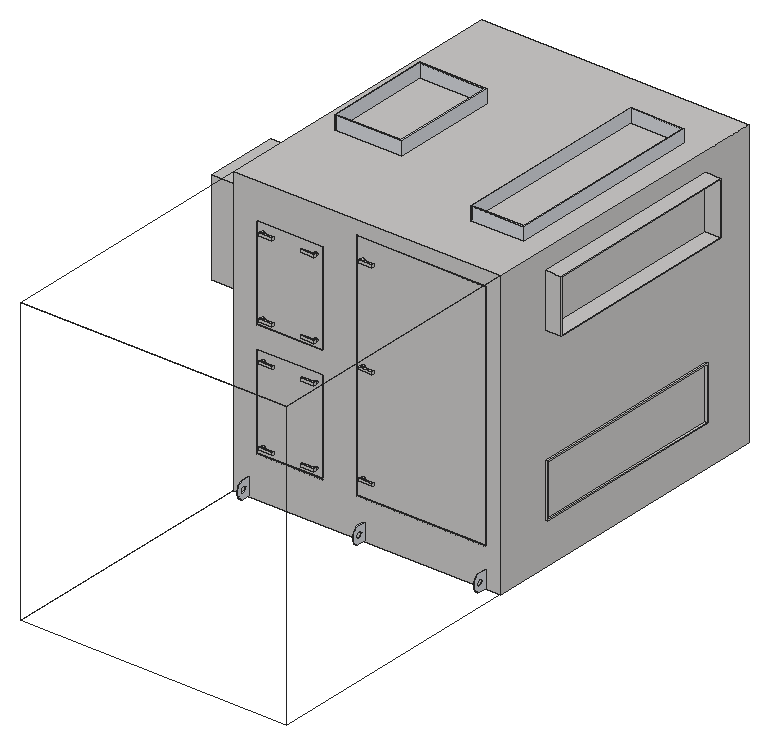
Revit family "DN-5XIN-ERV-2FP", category Mechanical Equipment, Revit 2019
Family settings
  Round Connector Dimension = Use Diameter
  Part Type = Normal
  Work Plane-Based = No
  Always vertical = Yes
  Cut with Voids When Loaded = No
  Shared = No
  Room Calculation Point = No
Parameters (values of type "4@5HP 575V")
  Voltage = "575 V"
  Unit Weight (lbs) = "2725-3125 lbs."
  Unit Dimension (L x W x H) = "95-5/8 x 102\" x 90-7/8\""
  Unit = Renewaire - Galvanized Steel
  URL = "www.renewaire.com"
  Typical Airflow Range = "1,125-4,950 CFM"
  Standard Features = "EC Motors for both airstreams, Direct drive backward inclined plenum, Higher ESP of up to 3\" w.g. at 4,500 CFM, Integrated programmable controls, True 100% face and bypass enthalpy based modulating economizer, Class 1 low leakage motorized isolation dampers, 1\" Double wall foam injected 20 gauge galvanized panel construction with R6.5 insulation"
  Shipping Dimensions (L x W x H) = "100\" x 101-1/2\" x 96\""
  Service Area Visibility = yes
  Service Area Box = Renewaire - Interference
  Revit Object Download Link = ""
  Phase = 3
  Options = "Onboard variable frequency drives (VFDs) - both airstreams, Fused disconnect, Spring isolators (VFDs only), 2\" Double wall foam injected 20 gauge galvanized panel construction with R13 insulation, Exterior paint - grey, white, custom color, BACNET factory activation, GFCI convenience outlet, Recirculation damper"
  Number Motors = "Qty. 4, Direct drive motorized impeller packages"
  Model = "DN-5XIN-2FP-ERV"
  Minimum Circuit Amps = "22.5 A"
  Maximum Overcurrent Protection = "25 A"
  Max. Shipping Weight (lbs) = "2975-3375 lbs."
  Manufacturer = "Renewaire LLC"
  Inlets/Outlets [instance] = "OA & RA Inlets: 60\" x 16\", SA Outlet: 24\" x 16\", EA Outlet: 20\" x 32\""
  Frequency = "50/60 Hz"
  Filters [instance] = "Total qty. 10, MERV 8: 16\" x 20\" x 2\""
  FLA per Motor = "5.3"
  Energy Recovery Type = "Static plate total energy transfer"
  Description = "Energy Recovery Ventilator"
  Bypass Filters [instance] = "Total qty. 4, MERV 8: 16\" x 20\" x 2\""
  Accessories = "Filters - MERV 13, 2\"  and 4\" (shipped loose), MERV 14, 2\" and 4\" (shipped loose), Additional filters available upon request, Duct mounted electric pre-heater (separately powered), Carbon dioxide sensor/control - wall mount (CO2-W), duct mount (CO2-D), IAQ sensor - wall mount (IAQ-W), duct mount (IAQ-D), Motion occupancy sensor/control - ceiling mount (MC-C), wall mount (MC-W), Smoke detector, Room temperature and humidity sensor, Duct static pressure sensor with display to 10\", without display 0-2\", Room pressure sensor with display to 1\", without display 0-1\", Remote display"
  AHRI 1060 Certified Core = "One L-62-G5 and four L-125-G5"
Types (6): name | Voltage | Minimum Circuit Amps | Maximum Overcurrent Protection | FLA per Motor
  (no name) | "575 V" | "22.5 A" | "25 A" | "5.3"
  4@2.70 kW 200-240V | "200-240V" | "36.6 A" | "45 A" | "8.6-7.2"
  4@3.70 kW 380-480V | "380-480 V" | "25.5 A" | "30 A" | "6.0-4.6"
  4@5HP 208-230V | "208-230 V" | "59.1 A" | "70 A" | "13.9-13.4/6.7"
  4@5HP 460V | "460 V" | "28.5 A" | "35 A" | "6.7"
  4@5HP 575V | "575 V" | "22.5 A" | "25 A" | "5.3"
Reference planes (in)
  plane 1 "Center (Front/Back)": y = 0
  plane 2: z = 0
  plane 3 "Center (Left/Right)": x = 0
  plane 4: x = -80
Forms (in)
  Extrusion 1, solid, material "Renewaire - Galvanized Steel" <- "Unit"
    sketch origin (0, 0, 0) x (1, 0, 0) y (0, 1, 0)
      loop
        line (-80, 46.5) -> (-80, -46.38324) -> (0, -46.38324) -> (0, 46.5) -> (-80, 46.5)
    from 0 to 85.625
  Extrusion 2, void
    sketch origin (0, 0, 0) x (1, 0, 0) y (0, 0, 1)
      loop
        line (-73.14754, 74.82399) -> (-73.14754, 46.824) -> (-53.14754, 46.824) -> (-53.14754, 74.82399) -> (-73.14754, 74.82399)
      loop
        line (-43.1125, 81.57398) -> (-43.1125, 11.57398) -> (-4.11251, 11.57398) -> (-4.11251, 81.57398) -> (-43.1125, 81.57398)
      loop
        line (-73.14754, 40.32399) -> (-73.14754, 12.32399) -> (-53.14754, 12.32399) -> (-53.14754, 40.32399) -> (-73.14754, 40.32399)
    from 45.5 to 47.07986
  Extrusion 3, void
    sketch origin (0, 0, 0) x (1, 0, 0) y (0, 1, 0)
      loop
        line (-78, 44.61676) -> (-78, -44.38324) -> (-2, -44.38324) -> (-2, 44.61676) -> (-78, 44.61676)
    from -3 to 5.699
  Extrusion 4, void
    sketch origin (0, 0, 0) x (1, 0, 0) y (0, 1, 0)
      loop
        line (-76.57415, 12.11675) -> (-76.57415, -11.88325) -> (-60.57415, -11.88325) -> (-60.57415, 12.11675) -> (-76.57415, 12.11675)
      loop
        line (-22.9895, 30.11677) -> (-22.9895, -29.88323) -> (-6.9895, -29.88323) -> (-6.9895, 30.11677) -> (-22.9895, 30.11677)
    from 4.75 to 6.699
  Extrusion 5, solid, material "Renewaire - Galvanized Steel" <- "Unit"
    sketch origin (0, 0, 1) x (0, 1, 0) y (0, 0, 1)
      loop
        line (12.11677, 31.05846) -> (-11.88323, 31.05846) -> (-11.88323, 15.05845) -> (12.11677, 15.05845) -> (12.11677, 31.05846)
      loop
        line (11.99177, 30.93346) -> (-11.75823, 30.93346) -> (-11.75823, 15.18345) -> (11.99177, 15.18345) -> (11.99177, 30.93346)
    from -81 to -80
  Extrusion 6, solid, material "Renewaire - Galvanized Steel" <- "Unit"
    sketch origin (0, 0, 1) x (0, 1, 0) y (0, 0, 1)
      loop
        line (-29.87714, 28.04274) -> (-29.87714, 12.04274) -> (30.12286, 12.04274) -> (30.12286, 28.04274) -> (-29.87714, 28.04274)
      loop
        line (-29.75214, 27.91774) -> (-29.75214, 12.16774) -> (29.99786, 12.16774) -> (29.99786, 27.91774) -> (-29.75214, 27.91774)
    from 0 to 1
  Extrusion 7, solid, material "Renewaire - Galvanized Steel" <- "Unit"
    sketch origin (0, 0, 1.51247) x (0, 1, 0) y (0, 0, 1)
      loop
        line (-29.88324, 78.57708) -> (-29.88324, 62.57708) -> (30.11676, 62.57708) -> (30.11676, 78.57708) -> (-29.88324, 78.57708)
      loop
        line (-29.75824, 78.45208) -> (-29.75824, 62.70208) -> (29.99176, 62.70208) -> (29.99176, 78.45208) -> (-29.75824, 78.45208)
    from 0 to 5
  Extrusion 8, solid, material "Renewaire - Galvanized Steel" <- "Unit"
    sketch origin (0, 0, 1) x (1, 0, 0) y (0, 0, 1)
      loop
        line (-54.12572, 77.83887) -> (-72.14754, 77.83887) -> (-72.14754, 47.80251) -> (-54.12572, 47.80251) -> (-54.12572, 77.83887)
      loop
        line (-54.25072, 77.71387) -> (-72.02254, 77.71387) -> (-72.02254, 47.92751) -> (-54.25072, 47.92751) -> (-54.25072, 77.71387)
    from -51.5 to -46.5
  Extrusion 9, solid, material "Renewaire - Galvanized Steel" <- "Unit"
    sketch origin (0, 0, 0) x (1, 0, 0) y (0, 0, 1)
      loop
        line (-72.89753, 74.82401) -> (-72.89753, 47.22401) -> (-53.29756, 47.22401) -> (-53.29756, 74.82401) -> (-72.89753, 74.82401)
      loop
        line (-72.89754, 40.32401) -> (-72.89754, 12.634) -> (-53.29754, 12.634) -> (-53.29754, 40.32401) -> (-72.89754, 40.32401)
      loop
        line (-42.8625, 11.82398) -> (-4.36251, 11.82398) -> (-4.36251, 81.32398) -> (-42.8625, 81.32398) -> (-42.8625, 11.82398)
    from 45.5 to 46.38324
  Extrusion 10, solid, material "Renewaire - Interference" <- "Service Area Box", visible <- "Service Area Visibility"
    sketch origin (0, 0, 0) x (1, 0, 0) y (0, 1, 0)
      loop
        line (-80, -46.38324) -> (-80, -126.38324) -> (0, -126.38324) -> (0, -46.38324) -> (-80, -46.38324)
    from 0 to 85.625
  Extrusion 11, solid, material "Renewaire - Galvanized Steel" <- "Unit"
    sketch origin (0, 0, 0) x (1, 0, 0) y (0, 1, 0)
      loop
        line (-80, -41.38324) -> (-80, -19.13324) -> (-90.625, -19.13324) -> (-90.625, -41.38324) -> (-80, -41.38324)
    from 50.625 to 78.75
  Extrusion 12, solid
    sketch origin (0, 0, 0) x (1, 0, 0) y (0, 1, 0)
      loop
        line (-74.14753, 16.11676) -> (-74.14753, -15.88324) -> (-54.14754, -15.88324) -> (-54.14754, 16.11676) -> (-74.14753, 16.11676)
      loop
        line (-73.89753, 15.86676) -> (-73.89753, -15.63324) -> (-54.39754, -15.63324) -> (-54.39754, 15.86676) -> (-73.89753, 15.86676)
      loop
        line (-22.11249, 30.11679) -> (-22.11249, -29.88322) -> (-6.11252, -29.88322) -> (-6.11252, 30.11679) -> (-22.11249, 30.11679)
      loop
        line (-21.86249, 29.86679) -> (-21.86249, -29.63322) -> (-6.36252, -29.63322) -> (-6.36252, 29.86679) -> (-21.86249, 29.86679)
    from 85.625 to 89.625
Cuts and joins
  Extrusion 2, Extrusion 3, Extrusion 4 cuts Extrusion 1
Dimensions and locks (in)
  aligned and locked: plane 2 to level
Nested families (in)
  nested 1: "Handle" at (-41.11251, -46.38324, 17), type "Handle"
    with Right Handle yes, Left Handle no, Flip no
  nested 2: "Handle" at (-41.11251, -46.38324, 75.67027), type "Handle"
    with Right Handle yes, Left Handle no, Flip no
  nested 3: "Handle" at (-41.11251, -46.38324, 47), type "Handle"
    with Right Handle yes, Left Handle no, Flip no
  nested 4: "Handle" at (-71.07253, -46.38324, 72.37401), type "Handle"
    with Right Handle yes, Left Handle no, Flip no
  nested 5: "Handle" at (-71.07253, -46.38324, 49.274), type "Handle"
    with Right Handle yes, Left Handle no, Flip no
  nested 6: "Handle" at (-55.22256, -46.38324, 72.37401), type "Handle"
    with Right Handle no, Left Handle yes, Flip yes
  nested 7: "Handle" at (-55.22256, -46.38324, 49.274), type "Handle"
    with Right Handle no, Left Handle yes, Flip yes
  nested 8: "Handle" at (-71.07253, -46.38324, 37.87401), type "Handle"
    with Right Handle yes, Left Handle no, Flip no
  nested 9: "Handle" at (-71.07253, -46.38324, 14.77401), type "Handle"
    with Right Handle yes, Left Handle no, Flip no
  nested 10: "Handle" at (-55.22256, -46.38324, 37.87401), type "Handle"
    with Right Handle no, Left Handle yes, Flip yes
  nested 11: "Handle" at (-55.22256, -46.38324, 14.77401), type "Handle"
    with Right Handle no, Left Handle yes, Flip yes
  nested 12: "Lifting Lug" at (-75.5, 46.5, 0) x (0, 1, 0) z (0, 0, 1), Material <- "Unit", type "Lifting Lug"
    with Material Renewaire - Galvanized Steel
  nested 13: "Lifting Lug" at (-4.5, 46.5, 0) x (0, 1, 0) z (0, 0, 1), Material <- "Unit", type "Lifting Lug"
    with Material Renewaire - Galvanized Steel
  nested 14: "Lifting Lug" at (-75.5, -46.38324, 0) x (0, -1, 0) z (0, 0, 1), Material <- "Unit", type "Lifting Lug"
    with Material Renewaire - Galvanized Steel
  nested 15: "Lifting Lug" at (-4.5, -46.38324, 0) x (0, -1, 0) z (0, 0, 1), Material <- "Unit", type "Lifting Lug"
    with Material Renewaire - Galvanized Steel
  nested 16: "Lifting Lug" at (-40.80093, 46.5, 0) x (0, 1, 0) z (0, 0, 1), Material <- "Unit", type "Lifting Lug 2"
    with Material Renewaire - Galvanized Steel
  nested 17: "Lifting Lug" at (-40.80093, -46.38324, 0) x (0, -1, 0) z (0, 0, 1), Material <- "Unit", type "Lifting Lug 2"
    with Material Renewaire - Galvanized Steel
Connectors (in)
  hvac at (1, 0.12286, 21.04274)
    settings: on Extrusion 6, index 1, duct flow 0 CFM, flow factor 0, pres drop 0.00 in-wg, loss coef 0, conn angle 0.00°, conn width 60", conn height 16", conn diameter 24", duct sys type 2, conn prof type 1, flow config 0, flow direction 1, loss method 0, conn ref index -1, conn util no, is conn primary yes, conn desc "Return Air (RA)"
  hvac at (5, 0.11676, 72.08955)
    settings: on Extrusion 7, index 2, duct flow 0 CFM, flow factor 0, pres drop 0.00 in-wg, loss coef 0, conn angle 0.00°, conn width 60", conn height 16", conn diameter 24", duct sys type 4, conn prof type 1, flow config 0, flow direction 1, loss method 0, conn ref index -1, conn util no, is conn primary no, conn desc "Outside Air (OA)"
  hvac at (-63.13663, 51.5, 63.82069)
    settings: on Extrusion 8, index 5, duct flow 0 CFM, flow factor 0, pres drop 0.00 in-wg, loss coef 0, conn angle 0.00°, conn width 18", conn height 30", conn diameter 24", duct sys type 3, conn prof type 1, flow config 0, flow direction 2, loss method 0, conn ref index -1, conn util no, is conn primary no, conn desc "Exhaust Air (EA)"
  hvac at (-81, 0.11677, 24.05845)
    settings: on Extrusion 5, index 6, duct flow 0 CFM, flow factor 0, pres drop 0.00 in-wg, loss coef 0, conn angle 0.00°, conn width 24", conn height 16", conn diameter 24", duct sys type 1, conn prof type 1, flow config 0, flow direction 2, loss method 0, conn ref index -1, conn util no, is conn primary no, conn desc "Supply Air (SA)"
  hvac at (-14.9895, 0.11677, 6.699)
    settings: on cut or joined group of Extrusion 1, Extrusion 2, Extrusion 3, Extrusion 4, index 9, duct flow 0 CFM, flow factor 0, pres drop 0.00 in-wg, loss coef 0, conn angle 0.00°, conn width 60", conn height 16", conn diameter 24", duct sys type 2, conn prof type 1, flow config 0, flow direction 1, loss method 0, conn ref index -1, conn util no, is conn primary no, conn desc "Return Air (RA)"
  hvac at (-68.57415, 0.11675, 6.699)
    settings: on cut or joined group of Extrusion 1, Extrusion 2, Extrusion 3, Extrusion 4, index 10, duct flow 0 CFM, flow factor 0, pres drop 0.00 in-wg, loss coef 0, conn angle 0.00°, conn width 24", conn height 16", conn diameter 24", duct sys type 1, conn prof type 1, flow config 0, flow direction 2, loss method 0, conn ref index -1, conn util no, is conn primary no, conn desc "Supply Air (SA)"
  hvac at (-64.14754, 0.11676, 89.625)
    settings: on Extrusion 12, index 11, duct flow 0 CFM, flow factor 0, pres drop 0.00 in-wg, loss coef 0, conn angle 0.00°, conn width 20", conn height 32", conn diameter 24", duct sys type 3, conn prof type 1, flow config 0, flow direction 2, loss method 0, conn ref index -1, conn util no, is conn primary no, conn desc "Exhaust Air (EA)"
  hvac at (-14.1125, 0.11678, 89.625)
    settings: on Extrusion 12, index 12, duct flow 0 CFM, flow factor 0, pres drop 0.00 in-wg, loss coef 0, conn angle 0.00°, conn width 16", conn height 60", conn diameter 24", duct sys type 4, conn prof type 1, flow config 0, flow direction 1, loss method 0, conn ref index -1, conn util no, is conn primary no, conn desc "Outside Air (OA)"
Definition of nested family "Handle"
  Parameters (values of type "Handle")
    Right Handle [instance] = not(Flip)  # no
    Material = none
    Left Handle [instance] = Flip  # yes
    Flip [instance] = yes
  Reference planes (in)
    plane 1 "Center (Front/Back)": y = 0
    plane 2: z = 0
    plane 3 "Center (Left/Right)": x = 0
  Forms (in)
    Extrusion 1, solid, material <- "Material"
      sketch origin (0, 0, 0) x (1, 0, 0) y (0, 0, 1)
        loop
          circle (0, 0) r 0.375
      from 0 to 0.75
    Extrusion 2, solid, material <- "Material", visible <- "Right Handle"
      sketch origin (0, 0, 0) x (1, 0, 0) y (0, 1, 0)
        loop
          line (-0.375, -0.75) -> (-0.375, -1.25) -> (3.625, -1.25) -> (3.625, -0.75) -> (-0.375, -0.75)
      from -0.375 to 0.375
    Extrusion 3, solid, material <- "Material", visible <- "Left Handle"
      sketch origin (-3.25, 0, 0) x (1, 0, 0) y (0, 1, 0)
        loop
          line (-0.375, -0.75) -> (-0.375, -1.25) -> (3.625, -1.25) -> (3.625, -0.75) -> (-0.375, -0.75)
      from -0.375 to 0.375
  Dimensions and locks (in)
    aligned and locked: plane 2 to level
Definition of nested family "Lifting Lug"
  Parameters (values of type "Lifting Lug")
    Material [instance] = none
  Reference planes (in)
    plane 1 "Center (Front/Back)": y = 0
    plane 2: z = 0
    plane 3 "Center (Left/Right)": x = 0
  Forms (in)
    Extrusion 1, solid
      sketch origin (0, 0, 0) x (1, 0, 0) y (0, 0, 1)
        loop
          line (0, 0.1875) -> (2, 0.1875)
          arc (2, 0.1875) -> (3.41421, 0.77329) -> (4, 2.1875) r 2
          line (4, 2.1875) -> (4, 3.1875)
          arc (4, 3.1875) -> (3.41421, 4.60171) -> (2, 5.1875) r 2
          line (2, 5.1875) -> (0, 5.1875) -> (0, 0.1875)
        loop
          circle (2.125, 2.6875) r 1
      from 0 to 0.25
  Dimensions and locks (in)
    aligned and locked: plane 2 to level
